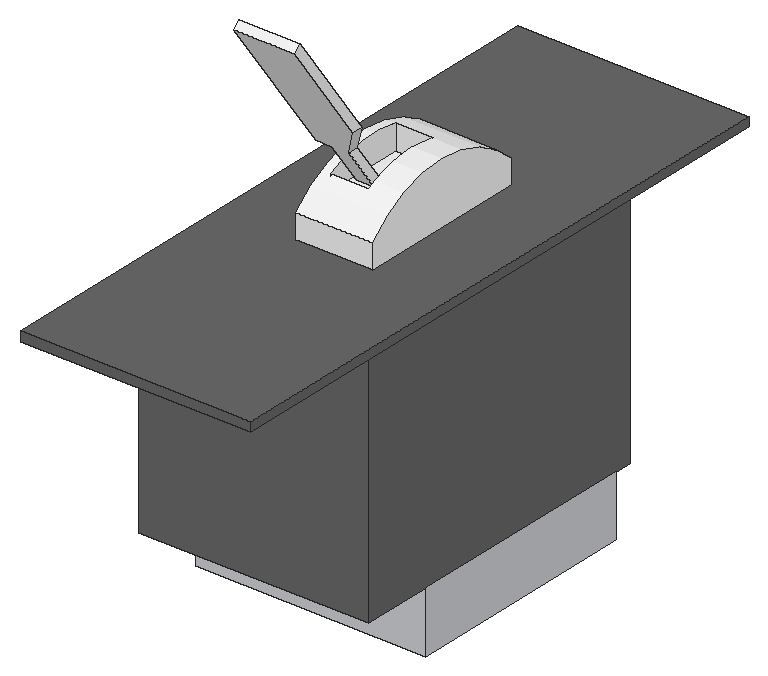
Revit family "Switch_Toggle_Leviton_Toggle-Locking-LevLok", category Electrical Fixtures, Revit 2024
Family settings
  Round Connector Dimension = Use Diameter
  Part Type = Normal
  Work Plane-Based = Yes
  Always vertical = No
  Cut with Voids When Loaded = No
  Maintain Annotation Orientation = No
  Shared = No
  Room Calculation Point = No
Parameters
  offset [instance] = 0' - 0"
  Warranty Duration (Years) = 0
  Voltage_MEP = 0 V
  Unit Width = 0' - 1 1/2"
  Unit Height = 0' - 4 15/256"
  Unit Depth = 0' - 1 69/128"
  URL = "http://www.leviton.com/OA_HTML/Home.jsp?minisite=10251&respid=22372"
  Termination = "as Specified"
  Switch Height = 0' - 1"
  Standards Conformance = "UL 20  ;  CSA  ;  NOM 057  ;  NEMA WD-1 and WD-6  ;  RoHS"
  Specification = ""
  SpecWizard = ""
  Send Message = "http://www.arcat.com/users.pl?action=UserEmail&company=Leviton+Mfg.+Co.,+Inc.&coid=41690&rep=117&fax=631-812-6252&mf="
  Screw Mounts Location = 0' - 3 9/32"
  Sales Information = "http://www.leviton.com/OA_HTML/SectionDisplay.jsp?section=37579&minisite=10251"
  Revision = "R1_10-2012"
  Projection From Host = 0' - 1 69/128"
  Product Properties = ""
  Product Data = "http://arcat.com/arcatcos/cos41/arc41690.html?isac=1&r=1"
  Number of Poles = 1
  Model = "As Specified"
  Maximum Amperage = 0
  Manufacturer Website = "http://www.leviton.com/OA_HTML/Home.jsp?minisite=10251&respid=22372"
  Manufacturer Phone - Toll Free = "800-323-8920"
  Manufacturer Phone = ""
  Manufacturer Fax = "631-812-6252"
  Manufacturer Address = "201 N. Service Rd. Melville, NY 11747"
  Manufacturer = "Leviton Mfg. Co., Inc."
  Maintenance Schedule (Months) = 0
  MEP Apparent Power = 0 VA
  MEP Amperage = 0 A
  LevLok Wiring Module [instance] = LevLokWiringModule : MSPSW-SD
  Grounding = "as Specified"
  Backing Color = Thermoplastic - Leviton - Black
  Keynote = "16140"
  Installation-Fabrication = ""
  Installation Phase = "Electrical Wiring"
  HP Rating = "as Specified"
  Green Building-LEED = ""
  Fixture Material = Thermoplastic - Leviton - White
  Fixture Grade = "Commercial / Industrial as Specified"
  Fixture Application = "Single Pole Locking with LevLok"
  Expected Lifespan (Years) = 0
  Drawn By = "Sumex Design, Inc. / Robert S. Weygant, CSI, CDT, SCIP"
  Description = "Leviton Commercial/Industrial Grade LevLok Locking Toggle Switch - Model as Specified"
  Default Elevation = 4' - 0"
  Copyright = "©Arcat Inc."
  Construction Details = ""
  Fixture Height = 0' - 2 31/256"
  Assembly Code = "D5020100"
  Acceptable Loads = "as Specified"
Reference planes (in)
  plane 1 "Center (Front/Back)": y = 0
  plane 2 "Bottom": z = 0
  plane 3 "Center (Left/Right)": x = 0
  plane 4 "Front": y = -2.0293
  plane 5 "Back": y = 2.0293
  plane 6 "Left": x = -0.75
  plane 7 "Right": x = 0.75
  plane 8 "Top": z = 1.53906
  plane 9: z = -1.53906
  plane 10: z = 1.36367
  plane 11: y = 1.06055
  plane 12: y = -1.06055
  plane 13: y = 1.64062
  plane 14: y = -1.64063
Forms (in)
  Extrusion 1, solid, material "Thermoplastic - Leviton - Black" <- "Backing Color"
    sketch origin (0, 0, 0) x (1, 0, 0) y (0, 1, 0)
      loop
        line (-0.75, 2.0293) -> (-0.75, -2.0293) -> (0.75, -2.0293) -> (0.75, 2.0293) -> (-0.75, 2.0293)
    from 0 to 0.0625
  Extrusion 2, solid, material "Thermoplastic - Leviton - Black" <- "Backing Color"
    sketch origin (0, 0, 0) x (1, 0, 0) y (0, 1, 0)
      loop
        line (-0.75, 1.06055) -> (-0.75, -1.06055) -> (0.75, -1.06055) -> (0.75, 1.06055) -> (-0.75, 1.06055)
    from 0 to -1.53906
  Extrusion 3, solid, material "Thermoplastic - Leviton - White" <- "Fixture Material"
    sketch origin (0, 0, 0) x (0, 1, 0) y (0, 0, 1)
      loop
        line (-0.40625, 0.0625) -> (0.71875, 0.0625) -> (0.71875, 0.21911)
        arc (0.71875, 0.21911) -> (0.15625, 0.4625) -> (-0.40625, 0.21911) r 0.77169
        line (-0.40625, 0.21911) -> (-0.40625, 0.0625)
    from -0.25 to 0.25
  Extrusion 4, void
    sketch origin (0, 0, 0) x (1, 0, 0) y (0, 1, 0)
      loop
        line (-0.18771, 0.32775) -> (-0.18771, -0.20059) -> (0.05674, -0.20059) -> (0.05674, 0.32775) -> (-0.18771, 0.32775)
    from 0.27988 to 0.6789
  Extrusion 5, solid, material "Thermoplastic - Leviton - White" <- "Fixture Material"
    sketch origin (-0.0625, 0, 0) x (0, 1, 0) y (0, 0, 1)
      loop
        line (-0.03269, 0.27988) -> (0.03656, 0.27988) -> (-0.86269, 1.53906) -> (-0.90034, 1.50141) -> (-0.03269, 0.27988)
    from -0.19922 to 0.19922
  Extrusion 6, void
    sketch origin (-0.02344, 0, 0) x (1, 0, 0) y (0, 0, 1)
      loop
        line (-0.23828, 0.5625) -> (-0.23828, 0.27988) -> (-0.13068, 0.27988) -> (-0.13068, 0.5625) -> (-0.23828, 0.5625)
      loop
        line (0.16016, 0.83097) -> (-0.02093, 0.5625) -> (-0.02093, 0.27988) -> (0.16016, 0.27988) -> (0.16016, 0.83097)
    from -0.06048 to 0.73949
Cuts and joins
  Extrusion 4 cuts Extrusion 1
  Extrusion 4 cuts Extrusion 2
  Extrusion 4 cuts Extrusion 3
  Extrusion 6 cuts Extrusion 5
Dimensions and locks (in)
  equal spacing: plane 6 "Left", plane 3 "Center (Left/Right)", plane 7 "Right"
  "Unit Width": plane 6 "Left" to plane 7 "Right"
  equal spacing: plane 5 "Back", plane 1 "Center (Front/Back)", plane 4 "Front"
  "Unit Height": plane 5 "Back" to plane 4 "Front"
  "Projection From Host": plane 8 "Top" to level
  "Unit Depth": level to plane 9
  locked: plane 10 to plane 8 "Top" at 0.17539
  equal spacing: plane 11, plane 1 "Center (Front/Back)", plane 12
  "Fixture Height": plane 11 to plane 12
  equal spacing: plane 13, plane 1 "Center (Front/Back)", plane 14
  "Screw Mounts Location": plane 13 to plane 14
  aligned and locked: plane 6 "Left" to Extrusion 1 sketch curve
  aligned and locked: Extrusion 1 sketch curve to plane 5 "Back"
  aligned and locked: plane 4 "Front" to Extrusion 1 sketch curve
  aligned and locked: Extrusion 1 sketch curve to plane 7 "Right"
  aligned and locked: plane 6 "Left" to Extrusion 2 sketch curve
  aligned and locked: Extrusion 2 sketch curve to plane 11
  aligned and locked: plane 12 to Extrusion 2 sketch curve
  aligned and locked: Extrusion 2 sketch curve to plane 7 "Right"
  aligned and locked: Extrusion 2 to plane 9
  aligned and locked: level to Extrusion 2
Automatic sketch dimensions
  level to Extrusion 3 sketch curve = 0' - 0 1/16"
  plane 1 "Center (Front/Back)" to Extrusion 3 sketch curve = 0' - 0 13/32"
  Extrusion 3 sketch curve to plane 1 "Center (Front/Back)" = 0' - 0 5/32"
  Extrusion 3 sketch curve to plane 11 = 0' - 0.3418"
  Extrusion 3 sketch curve to level = 0' - 0.30919"
  Extrusion 3 sketch curve to Extrusion 3 sketch curve = 0' - 0.15661"
  Extrusion 4 sketch curve to plane 3 "Center (Left/Right)" = 0' - 0.18771"
  plane 3 "Center (Left/Right)" to Extrusion 4 sketch curve = 0' - 0.05674"
  plane 1 "Center (Front/Back)" to Extrusion 4 sketch curve = 0' - 0.20059"
  Extrusion 4 sketch curve to plane 1 "Center (Front/Back)" = 0' - 0.32775"
  Extrusion 5 sketch curve to plane 8 "Top" = 0' - 0"
  Extrusion 5 sketch curve to plane 8 "Top" = 0' - 0.03765"
  plane 12 to Extrusion 5 sketch curve = 0' - 0.1602"
  Extrusion 5 sketch curve to Extrusion 5 sketch curve = 0' - 0.03765"
  plane 1 "Center (Front/Back)" to Extrusion 5 sketch curve = 0' - 0.03269"
  Extrusion 5 sketch curve to plane 1 "Center (Front/Back)" = 0' - 0.03656"
  level to Extrusion 5 sketch curve = 0' - 0.27988"
  Extrusion 6 sketch curve to plane 3 "Center (Left/Right)" = 0' - 0 67/256"
  Extrusion 6 sketch curve to Extrusion 6 sketch curve = 0' - 0.1076"
  Extrusion 6 sketch curve to plane 3 "Center (Left/Right)" = 0' - 0.04436"
  plane 3 "Center (Left/Right)" to Extrusion 6 sketch curve = 0' - 0 35/256"
  level to Extrusion 6 sketch curve = 0' - 0.27988"
  Extrusion 6 sketch curve to Extrusion 6 sketch curve = 0' - 0"  (x2)
  Extrusion 6 sketch curve to Extrusion 6 sketch curve = 0' - 0.28262"
  Extrusion 6 sketch curve to Extrusion 6 sketch curve = 0' - 0.26847"
Nested families (in)
  nested 1: "LevLokWiringModule" at (0, 0.17487, -1.53906) x (1, 0, 0) z (0, 0, -1), type <- "LevLok Wiring Module", type "MSPSW-SD"
    with offset 0' - 0"
Connectors (in)
  electrical at (0, 0, 0)
    settings: index 1, voltage 0 V, apparent load 0 VA, apparent load phase1 0 VA, apparent load phase2 0 VA, apparent load phase3 0 VA, power factor 1, load classification "Other", number of poles 1, system type 31, power factor state 1, is connector primary yes, connector utility no, sub classification motor no, connector description ""
Definition of nested family "LevLokWiringModule"
  Parameters
    offset [instance] = 0' - 0"
    Warranty Duration (Years) = 0
    Voltage_MEP = 0 V
    Unit Width = 0' - 1 1/2"
    Unit Height = 0' - 1 141/256"
    Unit Depth = 0' - 0 51/128"
    URL = "http://www.leviton.com/OA_HTML/Home.jsp?minisite=10251&respid=22372"
    Termination = "as Specified"
    Specification = ""
    SpecWizard = ""
    Send Message = "http://www.arcat.com/users.pl?action=UserEmail&company=Leviton+Mfg.+Co.,+Inc.&coid=41690&rep=117&fax=631-812-6252&mf="
    Sales Information = "http://www.leviton.com/OA_HTML/SectionDisplay.jsp?section=37579&minisite=10251"
    Revision = "R1_10-2012"
    Product Properties = ""
    Product Data = "http://arcat.com/arcatcos/cos41/arc41690.html?isac=1&r=1"
    Number of Poles = 1
    Model = "As Specified"
    Manufacturer Website = "http://www.leviton.com/OA_HTML/Home.jsp?minisite=10251&respid=22372"
    Manufacturer Phone - Toll Free = "800-323-8920"
    Manufacturer Phone = ""
    Manufacturer Fax = "631-812-6252"
    Manufacturer Address = "201 N. Service Rd. Melville, NY 11747"
    Manufacturer = "Leviton Mfg. Co., Inc."
    Maintenance Schedule (Months) = 0
    MEP Apparent Power = 0 VA
    MEP Amperage = 0 A
    Keynote = "16140"
    Installation-Fabrication = ""
    Installation Phase = "Electrical Wiring"
    Grounding = "as Specified"
    Green Building-LEED = ""
    Expected Lifespan (Years) = 0
    Drawn By = "Sumex Design, Inc. / Robert S. Weygant, CSI, CDT, SCIP"
    Description = "Leviton Product as Specified"
    Default Elevation = 4' - 0"
    Copyright = "©Arcat Inc."
    Construction Details = ""
    Assembly Code = "D5020100"
  Reference planes (in)
    plane 1 "Center (Front/Back)": y = 0
    plane 2 "Bottom": z = 0
    plane 3 "Center (Left/Right)": x = 0
    plane 4 "Front": y = -0.77539
    plane 5 "Back": y = 0.77539
    plane 6 "Left": x = -0.75
    plane 7 "Right": x = 0.75
    plane 8 "Top": z = 0.39844
  Forms (in)
    Extrusion 1, solid
      sketch origin (0, 0, 0) x (1, 0, 0) y (0, 1, 0)
        loop
          line (-0.75, 0.77539) -> (-0.75, -0.77539) -> (0.75, -0.77539) -> (0.75, 0.77539) -> (-0.75, 0.77539)
      from 0 to 0.39844
  Dimensions and locks (in)
    equal spacing: plane 6 "Left", plane 3 "Center (Left/Right)", plane 7 "Right"
    "Unit Width": plane 6 "Left" to plane 7 "Right"
    equal spacing: plane 5 "Back", plane 1 "Center (Front/Back)", plane 4 "Front"
    "Unit Height": plane 5 "Back" to plane 4 "Front"
    "Unit Depth": plane 8 "Top" to level
    aligned and locked: plane 6 "Left" to Extrusion 1 sketch curve
    aligned and locked: Extrusion 1 sketch curve to plane 5 "Back"
    aligned and locked: plane 4 "Front" to Extrusion 1 sketch curve
    aligned and locked: Extrusion 1 sketch curve to plane 7 "Right"
    aligned and locked: plane 8 "Top" to Extrusion 1
